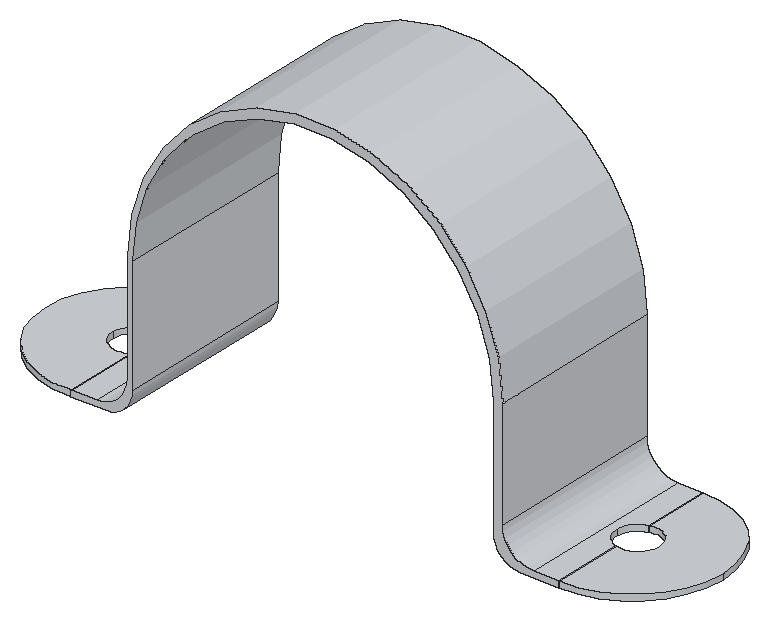
Revit family "PS5B", category Generic Models, Revit 2017
Family settings
  Can host rebar = No
  Round Connector Dimension = Use Diameter
  Part Type = Normal
  Work Plane-Based = Yes
  Always vertical = No
  Cut with Voids When Loaded = No
  Shared = No
  Room Calculation Point = No
Parameters (values of type "NBS Standard Parameters")
  Weight = "0.210Kg"
  WarrantyStartDate [instance] = "1900-12-31T23:59:59"
  WarrantyGuarantorParts = "n/a"
  WarrantyGuarantorLabor = "n/a"
  WarrantyDurationUnit = "1 year"
  WarrantyDurationParts = "n/a"
  WarrantyDurationLabor = "n/a"
  WarrantyDescription = "n/a"
  Version = "1"
  Uniclass2 = "Pr_65_70_11_20"
  TagNumber [instance] = "n/a"
  SustainabilityPerformance = "n/a"
  Size = "2\""
  Shape = "n/a"
  SerialNumber [instance] = "n/a"
  Revision = "n/a"
  ReplacementCost = "n/a"
  ProductInformation = "www.metpro.co.uk/pdf/Ps5g.pdf"
  NominalWidth = 24.5 mm
  NominalLength = 105 mm
  NominalHeight = 52 mm
  Name = ""
  NBSTypeID = ""
  NBSReference = "90-55-10/460"
  NBSOfficeMasterTag = ""
  NBSNote = ""
  NBSDescription = "Conduit Fittings"
  NBSCertification = ""
  ModelReference = "PS5B"
  ModelNumber = "n/a"
  Material = "Pressed Steel"
  ManufacturerURL = "www.metpro.co.uk"
  ManufacturerName = "Metpro Ltd"
  Keynote = "Compliant to LU standard 1-085"
  InstallationDate [instance] = "1900-12-31T23:59:59"
  IfcExportType = ""
  IfcExportAs = ""
  Grade = "n/a"
  Finish = "Black"
  Features = "n/a"
  ExpectedLife = "n/a"
  DurationUnit = "year"
  Description = "PS5B - 2\" Plain Saddle"
  Default Elevation = 1219.2 mm
  Constituents = "n/a"
  Color = "n/a"
  CodePerformance = "n/a"
  Category = "n/a"
  BarCode [instance] = "n/a"
  BIMObjectName = "Metpro_metprolibrary_Conduitfittings_Metalcomponent_steelaccessories"
  Author = "Metpro Ltd"
  AssetType = ""
  AssetIdentifier [instance] = "n/a"
  AccessibilityPerformance = "n/a"
Reference planes
  plane 1 "Center (Front/Back)": y = 0
  plane 2: z = 0
  plane 3 "Center (Left/Right)": x = 0
Forms (mm)
  Extrusion 1, solid
    sketch origin (0, 20.542, -4.542) x (1, 0, 0) y (0, 0, 1)
      loop
        line (25, 10.937) -> (25, -5.153)
        arc (25, -5.153) -> (26.113, -7.84) -> (28.8, -8.953) r 3.8
        line (28.8, -8.953) -> (34.007, -8.953) -> (34.007, -8.137) -> (30.519, -8.137)
        arc (30.519, -8.137) -> (27.478, -6.877) -> (26.219, -3.837) r 4.3
        line (26.219, -3.837) -> (26.219, 11.218)
        arc (26.219, 11.218) -> (0.219, 37.218) -> (-25.781, 11.218) r 26
        line (-25.781, 11.218) -> (-25.781, -3.882)
        arc (-25.781, -3.882) -> (-27.027, -6.89) -> (-30.036, -8.137) r 4.255
        line (-30.036, -8.137) -> (-33.591, -8.137) -> (-33.591, -8.953) -> (-28.8, -8.953)
        arc (-28.8, -8.953) -> (-26.113, -7.84) -> (-25, -5.153) r 3.8
        line (-25, -5.153) -> (-25, 10.938)
        arc (-25, 10.938) -> (0, 35.937) -> (25, 10.937) r 25
    from -4.5 to 20.5
  Extrusion 2, solid
    sketch origin (21.196, 20.542, -12.679) x (1, 0, 0) y (0, 1, 0)
      loop
        arc (25.67, -8) -> (21.881, 0.965) -> (12.811, 4.495) r 12.5
        line (12.811, 4.495) -> (12.811, -20.495)
        arc (12.811, -20.495) -> (21.881, -16.965) -> (25.67, -8) r 12.5
      loop
        arc (-54.786, 4.453) -> (-64.32, 1.216) -> (-68.374, -8) r 12.5
        arc (-68.374, -8) -> (-64.32, -17.216) -> (-54.786, -20.453) r 12.5
        line (-54.786, -20.453) -> (-54.786, 4.453)
    from 0 to -0.8
  Extrusion 3, void
    sketch origin (21.196, 20.542, -12.679) x (0, 1, 0) y (1, 0, 0)
      loop
        circle (-7.675, 13.593) r 3
      loop
        circle (-7.675, -56.304) r 3
    from 0 to 3.996
Cuts and joins
  Extrusion 3 cuts Extrusion 1
  Extrusion 3 cuts Extrusion 2
Dimensions and locks
  aligned and locked: level to plane 2
